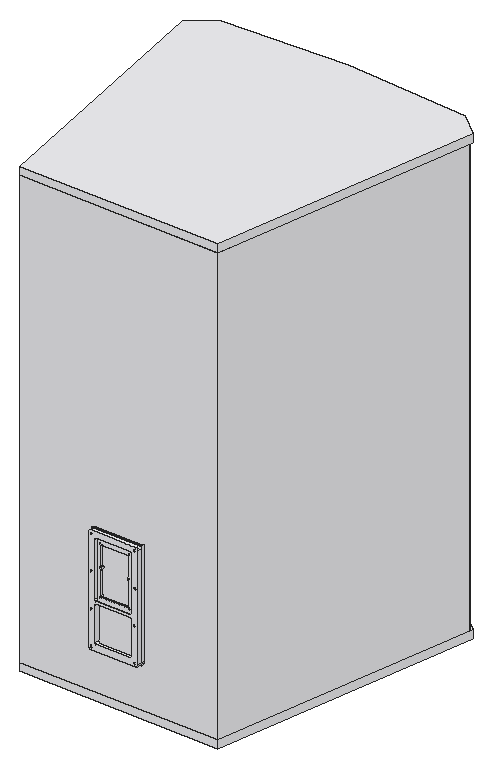
Revit family "EVC-1122-95", category Communication Devices, Revit 2017 (continued)
Definition of nested family "InputPanel_small"
  Lines and regions (mm)
    model lines, not visible
      curve 484: line (54.504, -9.5, 76.743) -> (56.298, -9.5, 74.554)
      curve 485: line (56.298, -9.5, 74.554) -> (55.807, -9.5, 74.222)
      curve 486: line (54.503, -9.5, 83.049) -> (56.297, -9.5, 80.86)
      curve 487: line (56.297, -9.5, 80.86) -> (55.806, -9.5, 80.528)
      curve 488: line (54.531, -9.5, 76.998) -> (56.131, -9.5, 75.046)
      curve 489: line (56.131, -9.5, 75.046) -> (56.7, -9.5, 75.046)
      curve 490: line (56.7, -9.5, 75.046) -> (54.662, -9.5, 77.533)
      curve 491: line (54.531, -9.5, 83.304) -> (56.13, -9.5, 81.352)
      curve 492: line (56.13, -9.5, 81.352) -> (56.699, -9.5, 81.352)
      curve 493: line (56.699, -9.5, 81.352) -> (54.661, -9.5, 83.839)
      curve 494: line (54.505, -9.5, 70.437) -> (56.298, -9.5, 68.248)
      curve 495: line (56.298, -9.5, 68.248) -> (55.807, -9.5, 67.915)
      curve 496: line (54.506, -9.5, 64.13) -> (56.299, -9.5, 61.942)
      curve 497: line (56.299, -9.5, 61.942) -> (55.808, -9.5, 61.609)
      curve 498: line (54.533, -9.5, 64.385) -> (56.132, -9.5, 62.433)
      curve 499: line (56.132, -9.5, 62.433) -> (56.702, -9.5, 62.433)
      curve 500: line (56.702, -9.5, 62.433) -> (54.664, -9.5, 64.92)
      curve 501: line (54.532, -9.5, 70.691) -> (56.131, -9.5, 68.739)
      curve 502: line (56.131, -9.5, 68.739) -> (56.701, -9.5, 68.739)
      curve 503: line (56.701, -9.5, 68.739) -> (54.663, -9.5, 71.227)
      curve 504: line (51.568, -9.5, 63.815) -> (51.568, -9.5, 60.772)
      curve 505: line (51.568, -9.5, 60.772) -> (46.145, -9.5, 60.771)
      curve 506: line (46.145, -9.5, 60.771) -> (46.141, -9.5, 85.996)
      curve 507: line (46.141, -9.5, 85.996) -> (51.565, -9.5, 85.997)
      curve 508: line (51.565, -9.5, 85.997) -> (52.989, -9.5, 85.997)
      curve 509: line (52.989, -9.5, 85.997) -> (49.876, -9.5, 86.125)
      curve 510: line (49.876, -9.5, 86.125) -> (49.754, -9.5, 86.302)
      curve 511: line (52.992, -9.5, 60.772) -> (51.568, -9.5, 60.772)
      curve 512: line (45.361, -9.5, 79.392) -> (45.362, -9.5, 73.88)
      curve 513: line (45.362, -9.5, 73.88) -> (41.147, -9.5, 73.88)
      curve 514: line (41.147, -9.5, 73.88) -> (41.146, -9.5, 79.392)
      curve 515: line (41.146, -9.5, 79.392) -> (45.361, -9.5, 79.392)
      curve 516: line (41.146, -9.5, 79.988) -> (41.145, -9.5, 85.499)
      curve 517: line (41.145, -9.5, 85.499) -> (45.36, -9.5, 85.5)
      curve 518: line (45.36, -9.5, 85.5) -> (45.361, -9.5, 79.988)
      curve 519: line (45.361, -9.5, 79.988) -> (41.146, -9.5, 79.988)
      curve 520: line (45.819, -9.5, 60.771) -> (45.816, -9.5, 85.996)
      curve 521: line (45.816, -9.5, 85.996) -> (40.689, -9.5, 85.996)
      curve 522: line (40.689, -9.5, 85.996) -> (40.692, -9.5, 60.771)
      curve 523: line (40.692, -9.5, 60.771) -> (45.819, -9.5, 60.771)
      curve 524: line (45.819, -9.5, 60.771) -> (46.145, -9.5, 60.771)
      curve 525: line (45.363, -9.5, 66.78) -> (45.363, -9.5, 61.268)
      curve 526: line (45.363, -9.5, 61.268) -> (41.148, -9.5, 61.267)
      curve 527: line (41.148, -9.5, 61.267) -> (41.147, -9.5, 66.779)
      curve 528: line (41.147, -9.5, 66.779) -> (45.363, -9.5, 66.78)
      curve 529: line (41.147, -9.5, 67.375) -> (41.147, -9.5, 72.887)
      curve 530: line (41.147, -9.5, 72.887) -> (45.362, -9.5, 72.887)
      curve 531: line (45.362, -9.5, 72.887) -> (45.363, -9.5, 67.375)
      curve 532: line (45.363, -9.5, 67.375) -> (41.147, -9.5, 67.375)
      curve 533: line (45.816, -9.5, 85.996) -> (46.141, -9.5, 85.996)
      curve 534: line (46.141, -9.5, 85.996) -> (42.88, -9.5, 86.124)
      curve 535: line (42.88, -9.5, 86.124) -> (42.758, -9.5, 86.301)
      curve 536: line (42.758, -9.5, 86.301) -> (45.891, -9.5, 86.301)
      curve 537: line (45.891, -9.5, 86.301) -> (46.013, -9.5, 86.124)
      curve 538: line (45.361, -9.5, 78.225) -> (43.953, -9.5, 78.225)
      curve 539: line (43.953, -9.5, 78.225) -> (43.627, -9.5, 78.913)
      curve 540: line (43.627, -9.5, 78.913) -> (43.242, -9.5, 79.392)
      curve 541: line (45.363, -9.5, 65.613) -> (43.954, -9.5, 65.612)
      curve 542: line (43.954, -9.5, 65.612) -> (43.629, -9.5, 66.3)
      curve 543: line (43.629, -9.5, 66.3) -> (43.244, -9.5, 66.779)
      curve 544: line (45.362, -9.5, 68.542) -> (43.954, -9.5, 68.542)
      curve 545: line (43.954, -9.5, 68.542) -> (43.629, -9.5, 67.854)
      curve 546: line (43.629, -9.5, 67.854) -> (43.244, -9.5, 67.375)
      curve 547: line (45.361, -9.5, 81.155) -> (43.952, -9.5, 81.155)
      curve 548: line (43.952, -9.5, 81.155) -> (43.627, -9.5, 80.467)
      curve 549: line (43.627, -9.5, 80.467) -> (43.242, -9.5, 79.988)
      curve 550: line (45.362, -9.5, 71.919) -> (43.954, -9.5, 71.919)
      curve 551: line (43.954, -9.5, 71.919) -> (43.628, -9.5, 72.607)
      curve 552: line (43.628, -9.5, 72.607) -> (43.403, -9.5, 72.887)
      curve 553: line (45.361, -9.5, 84.532) -> (43.952, -9.5, 84.531)
      curve 554: line (43.952, -9.5, 84.531) -> (43.627, -9.5, 85.219)
      curve 555: line (43.627, -9.5, 85.219) -> (43.401, -9.5, 85.5)
      curve 556: line (45.362, -9.5, 74.849) -> (43.953, -9.5, 74.848)
      curve 557: line (43.953, -9.5, 74.848) -> (43.628, -9.5, 74.16)
      curve 558: line (43.403, -9.5, 73.88) -> (43.628, -9.5, 74.16)
      curve 559: line (43.628, -9.5, 74.16) -> (43.627, -9.5, 78.913)
      curve 560: line (45.363, -9.5, 62.236) -> (43.955, -9.5, 62.236)
      curve 561: line (43.955, -9.5, 62.236) -> (43.629, -9.5, 61.548)
      curve 562: line (43.629, -9.5, 61.548) -> (43.629, -9.5, 66.3)
      curve 563: line (43.404, -9.5, 61.267) -> (43.629, -9.5, 61.548)
      curve 564: line (43.954, -9.5, 68.542) -> (43.954, -9.5, 71.919)
      curve 565: line (43.952, -9.5, 81.155) -> (43.952, -9.5, 84.531)
      curve 566: line (43.954, -9.5, 65.612) -> (43.955, -9.5, 62.236)
      curve 567: line (43.953, -9.5, 78.225) -> (43.953, -9.5, 74.848)
      curve 568: line (45.891, -9.5, 86.301) -> (45.891, -9.5, 86.563)
      curve 569: line (45.891, -9.5, 86.563) -> (42.758, -9.5, 86.562)
      curve 570: line (42.758, -9.5, 86.562) -> (42.758, -9.5, 86.301)
      curve 571: line (45.891, -9.5, 86.563) -> (46.472, -9.5, 86.563)
      curve 572: line (46.472, -9.5, 86.563) -> (46.472, -9.5, 86.301)
      curve 573: line (46.472, -9.5, 86.301) -> (46.35, -9.5, 86.124)
      curve 574: line (42.244, -9.5, 79.988) -> (42.243, -9.5, 85.499)
      curve 575: line (42.246, -9.5, 67.375) -> (42.245, -9.5, 72.887)
      curve 576: line (42.246, -9.5, 61.267) -> (42.246, -9.5, 66.779)
      curve 577: line (42.245, -9.5, 73.88) -> (42.244, -9.5, 79.392)
      curve 578: line (43.629, -9.5, 67.854) -> (43.628, -9.5, 72.607)
      curve 579: line (43.627, -9.5, 80.467) -> (43.627, -9.5, 85.219)
      curve 580: line (52.887, -9.5, 86.302) -> (53.009, -9.5, 86.125)
      curve 581: line (52.887, -9.5, 86.563) -> (52.887, -9.5, 86.302)
      curve 582: line (52.887, -9.5, 86.302) -> (49.754, -9.5, 86.302)
      curve 583: line (49.754, -9.5, 86.302) -> (49.754, -9.5, 86.563)
      curve 584: line (49.754, -9.5, 86.563) -> (52.887, -9.5, 86.563)
      curve 585: line (52.887, -9.5, 86.563) -> (53.468, -9.5, 86.563)
      curve 586: line (53.468, -9.5, 86.563) -> (53.468, -9.5, 86.302)
      curve 587: line (53.468, -9.5, 86.302) -> (53.346, -9.5, 86.125)
      curve 588: line (78.97, -9.5, 60.972) -> (78.967, -9.5, 85.803)
      curve 589: line (78.912, -9.5, 85.748) -> (78.915, -9.5, 61.027)
      curve 590: line (77.958, -9.5, 86.812) -> (40.515, -9.5, 86.808)
      curve 591: line (40.57, -9.5, 86.753) -> (77.903, -9.5, 86.757)
      curve 592: line (39.506, -9.5, 85.799) -> (39.509, -9.5, 60.968)
      curve 593: line (39.509, -9.5, 60.97) -> (39.561, -9.5, 85.744)
      curve 594: line (40.518, -9.5, 59.959) -> (77.962, -9.5, 59.963)
      curve 595: line (77.907, -9.5, 60.018) -> (40.573, -9.5, 60.014)
      curve 596: line (61.368, -9.5, 70.233) -> (59.749, -9.5, 70.232)
      curve 597: line (59.749, -9.5, 70.232) -> (59.415, -9.5, 70.232)
      curve 598: line (61.369, -9.5, 63.926) -> (59.75, -9.5, 63.926)
      curve 599: line (59.75, -9.5, 63.926) -> (59.417, -9.5, 63.926)
      curve 600: line (61.367, -9.5, 76.539) -> (59.748, -9.5, 76.539)
      curve 601: line (59.748, -9.5, 76.539) -> (59.415, -9.5, 76.539)
      curve 602: line (61.367, -9.5, 82.845) -> (59.747, -9.5, 82.845)
      curve 603: line (59.747, -9.5, 82.845) -> (59.414, -9.5, 82.845)
      curve 604: line (57.109, -9.5, 76.538) -> (58.728, -9.5, 76.539)
      curve 605: line (58.728, -9.5, 76.539) -> (59.062, -9.5, 76.539)
      curve 606: line (57.108, -9.5, 82.845) -> (58.727, -9.5, 82.845)
      curve 607: line (58.727, -9.5, 82.845) -> (59.06, -9.5, 82.845)
      curve 608: line (57.109, -9.5, 70.232) -> (58.729, -9.5, 70.232)
      curve 609: line (58.729, -9.5, 70.232) -> (59.062, -9.5, 70.232)
      curve 610: line (57.11, -9.5, 63.926) -> (58.729, -9.5, 63.926)
      curve 611: line (58.729, -9.5, 63.926) -> (59.063, -9.5, 63.926)
    model lines
      curve 612: arc (-30.696, -4.337, 30.291) -> (-31.037, -4.337, 28.695) -> (-32.139, -4.337, 27.491) r 3.109
      curve 613: arc (-30.695, -4.337, 42.904) -> (-31.035, -4.337, 41.308) -> (-32.138, -4.337, 40.104) r 3.109
      curve 614: arc (-30.698, -4.337, 23.985) -> (-31.033, -4.337, 22.399) -> (-32.121, -4.337, 21.198) r 3.108
      curve 615: arc (-30.696, -4.337, 36.598) -> (-31.031, -4.337, 35.012) -> (-32.119, -4.337, 33.811) r 3.108
      curve 616: arc (-31.992, -4.337, 33.004) -> (-31.001, -4.337, 31.812) -> (-30.695, -4.337, 30.291) r 3.166
      curve 617: arc (-31.991, -4.337, 45.616) -> (-30.999, -4.337, 44.424) -> (-30.693, -4.337, 42.904) r 3.166
      curve 618: arc (-31.993, -4.337, 26.696) -> (-31.002, -4.337, 25.504) -> (-30.696, -4.337, 23.985) r 3.165
      curve 619: arc (-31.991, -4.337, 39.309) -> (-31.001, -4.337, 38.117) -> (-30.695, -4.337, 36.598) r 3.165
      curve 620: arc (-30.343, -4.337, 36.598) -> (-30.002, -4.337, 38.194) -> (-28.9, -4.337, 39.398) r 3.109
      curve 621: arc (-30.344, -4.337, 23.985) -> (-30.004, -4.337, 25.581) -> (-28.901, -4.337, 26.785) r 3.109
      curve 622: arc (-30.341, -4.337, 42.904) -> (-30.006, -4.337, 44.49) -> (-28.918, -4.337, 45.691) r 3.108
      curve 623: arc (-30.343, -4.337, 30.291) -> (-30.007, -4.337, 31.877) -> (-28.92, -4.337, 33.078) r 3.108
      curve 624: arc (-29.046, -4.337, 33.885) -> (-30.038, -4.337, 35.077) -> (-30.344, -4.337, 36.598) r 3.166
      curve 625: arc (-29.048, -4.337, 21.273) -> (-30.039, -4.337, 22.465) -> (-30.346, -4.337, 23.985) r 3.166
      curve 626: arc (-29.046, -4.337, 40.193) -> (-30.037, -4.337, 41.385) -> (-30.343, -4.337, 42.904) r 3.165
      curve 627: arc (-29.048, -4.337, 27.58) -> (-30.038, -4.337, 28.772) -> (-30.344, -4.337, 30.291) r 3.165
      curve 628: arc (-33.959, -4.337, 27.746) -> (-35.033, -4.337, 28.816) -> (-35.384, -4.337, 30.292) r 2.775
      curve 629: arc (-34.651, -4.337, 27.426) -> (-35.725, -4.337, 28.679) -> (-36.075, -4.337, 30.292) r 3.371
      curve 630: arc (-33.959, -4.337, 27.746) -> (-34.28, -4.337, 27.533) -> (-34.651, -4.337, 27.426) r 1.273
      curve 631: arc (-33.957, -4.337, 40.358) -> (-35.031, -4.337, 41.429) -> (-35.382, -4.337, 42.905) r 2.775
      curve 632: arc (-34.649, -4.337, 40.039) -> (-35.723, -4.337, 41.292) -> (-36.074, -4.337, 42.905) r 3.371
      curve 633: arc (-33.957, -4.337, 40.358) -> (-34.279, -4.337, 40.146) -> (-34.649, -4.337, 40.039) r 1.273
      curve 634: arc (-33.96, -4.337, 21.44) -> (-35.033, -4.337, 22.511) -> (-35.384, -4.337, 23.986) r 2.774
      curve 635: arc (-34.651, -4.337, 21.121) -> (-35.725, -4.337, 22.374) -> (-36.075, -4.337, 23.986) r 3.37
      curve 636: arc (-33.96, -4.337, 21.44) -> (-34.281, -4.337, 21.228) -> (-34.651, -4.337, 21.121) r 1.273
      curve 637: arc (-33.958, -4.337, 34.053) -> (-35.032, -4.337, 35.123) -> (-35.382, -4.337, 36.598) r 2.774
      curve 638: arc (-34.65, -4.337, 33.734) -> (-35.723, -4.337, 34.986) -> (-36.074, -4.337, 36.598) r 3.37
      curve 639: arc (-33.958, -4.337, 34.053) -> (-34.28, -4.337, 33.84) -> (-34.65, -4.337, 33.734) r 1.273
      curve 640: arc (-35.384, -4.337, 30.292) -> (-35.033, -4.337, 31.767) -> (-33.958, -4.337, 32.838) r 2.775
      curve 641: arc (-34.65, -4.337, 33.157) -> (-34.28, -4.337, 33.051) -> (-33.958, -4.337, 32.838) r 1.273
      curve 642: arc (-36.075, -4.337, 30.292) -> (-35.724, -4.337, 31.905) -> (-34.65, -4.337, 33.157) r 3.371
      curve 643: arc (-35.382, -4.337, 42.905) -> (-35.031, -4.337, 44.38) -> (-33.957, -4.337, 45.451) r 2.775
      curve 644: arc (-34.648, -4.337, 45.77) -> (-34.278, -4.337, 45.663) -> (-33.957, -4.337, 45.451) r 1.273
      curve 645: arc (-36.074, -4.337, 42.905) -> (-35.723, -4.337, 44.517) -> (-34.648, -4.337, 45.77) r 3.371
      curve 646: arc (-35.384, -4.337, 23.986) -> (-35.033, -4.337, 25.461) -> (-33.959, -4.337, 26.531) r 2.774
      curve 647: arc (-34.651, -4.337, 26.85) -> (-34.28, -4.337, 26.743) -> (-33.959, -4.337, 26.531) r 1.273
      curve 648: arc (-36.075, -4.337, 23.986) -> (-35.725, -4.337, 25.598) -> (-34.651, -4.337, 26.85) r 3.37
      curve 649: arc (-35.382, -4.337, 36.598) -> (-35.031, -4.337, 38.073) -> (-33.958, -4.337, 39.143) r 2.774
      curve 650: arc (-34.649, -4.337, 39.463) -> (-34.279, -4.337, 39.356) -> (-33.958, -4.337, 39.143) r 1.273
      curve 651: arc (-36.074, -4.337, 36.598) -> (-35.723, -4.337, 38.21) -> (-34.649, -4.337, 39.463) r 3.37
      curve 652: arc (-30.908, -4.337, 23.985) -> (-31.259, -4.337, 22.51) -> (-32.333, -4.337, 21.44) r 2.774
      curve 653: arc (-32.332, -4.337, 26.53) -> (-31.258, -4.337, 25.46) -> (-30.908, -4.337, 23.985) r 2.774
      curve 654: arc (-30.906, -4.337, 30.291) -> (-31.258, -4.337, 28.816) -> (-32.332, -4.337, 27.745) r 2.775
      curve 655: arc (-32.331, -4.337, 32.838) -> (-31.257, -4.337, 31.767) -> (-30.906, -4.337, 30.291) r 2.775
      curve 656: arc (-30.906, -4.337, 36.598) -> (-31.257, -4.337, 35.123) -> (-32.331, -4.337, 34.053) r 2.774
      curve 657: arc (-32.33, -4.337, 39.143) -> (-31.257, -4.337, 38.073) -> (-30.906, -4.337, 36.598) r 2.774
      curve 658: arc (-30.905, -4.337, 42.904) -> (-31.256, -4.337, 41.429) -> (-32.33, -4.337, 40.358) r 2.775
      curve 659: arc (-32.33, -4.337, 45.45) -> (-31.256, -4.337, 44.38) -> (-30.905, -4.337, 42.904) r 2.775
      curve 660: arc (-36.768, -4.337, 27.427) -> (-37.818, -4.337, 28.63) -> (-38.191, -4.337, 30.182) r 3.348
      curve 661: arc (-36.766, -4.337, 40.039) -> (-37.816, -4.337, 41.242) -> (-38.19, -4.337, 42.794) r 3.348
      curve 662: arc (-38.191, -4.337, 30.403) -> (-37.817, -4.337, 31.955) -> (-36.767, -4.337, 33.158) r 3.348
      curve 663: arc (-38.19, -4.337, 43.015) -> (-37.816, -4.337, 44.568) -> (-36.766, -4.337, 45.77) r 3.348
      curve 664: arc (-36.769, -4.337, 21.121) -> (-37.825, -4.337, 22.337) -> (-38.192, -4.337, 23.905) r 3.353
      curve 665: arc (-36.767, -4.337, 33.734) -> (-37.823, -4.337, 34.95) -> (-38.191, -4.337, 36.517) r 3.353
      curve 666: arc (-38.192, -4.337, 24.067) -> (-37.824, -4.337, 25.635) -> (-36.768, -4.337, 26.85) r 3.353
      curve 667: arc (-38.191, -4.337, 36.68) -> (-37.823, -4.337, 38.248) -> (-36.767, -4.337, 39.463) r 3.353
      curve 668: arc (-32.649, -4.337, 30.292) -> (-32.982, -4.337, 28.919) -> (-34.009, -4.337, 27.951) r 2.482
      curve 669: arc (-32.65, -4.337, 23.985) -> (-32.983, -4.337, 22.613) -> (-34.01, -4.337, 21.644) r 2.482
      curve 670: arc (-33.058, -4.337, 25.478) -> (-32.751, -4.337, 24.76) -> (-32.65, -4.337, 23.985) r 2.857
      curve 671: arc (-33.734, -4.337, 25.636) -> (-33.68, -4.337, 25.558) -> (-33.628, -4.337, 25.478) r 2.446
      curve 672: arc (-33.058, -4.337, 31.784) -> (-32.75, -4.337, 31.066) -> (-32.649, -4.337, 30.292) r 2.857
      curve 673: arc (-33.733, -4.337, 31.942) -> (-33.679, -4.337, 31.864) -> (-33.627, -4.337, 31.784) r 2.446
      curve 674: arc (-32.649, -4.337, 36.598) -> (-32.981, -4.337, 35.226) -> (-34.008, -4.337, 34.257) r 2.482
      curve 675: arc (-32.648, -4.337, 42.904) -> (-32.98, -4.337, 41.532) -> (-34.008, -4.337, 40.563) r 2.482
      curve 676: arc (-33.057, -4.337, 38.091) -> (-32.75, -4.337, 37.372) -> (-32.649, -4.337, 36.598) r 2.857
      curve 677: arc (-33.733, -4.337, 38.249) -> (-33.678, -4.337, 38.171) -> (-33.626, -4.337, 38.091) r 2.446
      curve 678: arc (-33.056, -4.337, 44.397) -> (-32.749, -4.337, 43.679) -> (-32.648, -4.337, 42.904) r 2.857
      curve 679: arc (-33.732, -4.337, 44.555) -> (-33.677, -4.337, 44.477) -> (-33.626, -4.337, 44.397) r 2.446
      curve 680: arc (-27.08, -4.337, 39.143) -> (-26.006, -4.337, 38.073) -> (-25.655, -4.337, 36.597) r 2.775
      curve 681: arc (-26.388, -4.337, 39.463) -> (-25.314, -4.337, 38.21) -> (-24.964, -4.337, 36.597) r 3.371
      curve 682: arc (-27.08, -4.337, 39.143) -> (-26.759, -4.337, 39.356) -> (-26.388, -4.337, 39.463) r 1.273
      curve 683: arc (-27.082, -4.337, 26.531) -> (-26.007, -4.337, 25.46) -> (-25.657, -4.337, 23.984) r 2.775
      curve 684: arc (-26.39, -4.337, 26.85) -> (-25.316, -4.337, 25.597) -> (-24.965, -4.337, 23.984) r 3.371
      curve 685: arc (-27.082, -4.337, 26.531) -> (-26.76, -4.337, 26.743) -> (-26.39, -4.337, 26.85) r 1.273
      curve 686: arc (-27.079, -4.337, 45.449) -> (-26.006, -4.337, 44.378) -> (-25.655, -4.337, 42.903) r 2.774
      curve 687: arc (-26.388, -4.337, 45.768) -> (-25.314, -4.337, 44.515) -> (-24.963, -4.337, 42.903) r 3.37
      curve 688: arc (-27.079, -4.337, 45.449) -> (-26.758, -4.337, 45.661) -> (-26.388, -4.337, 45.768) r 1.273
      curve 689: arc (-27.081, -4.337, 32.836) -> (-26.007, -4.337, 31.766) -> (-25.657, -4.337, 30.291) r 2.774
      curve 690: arc (-26.389, -4.337, 33.155) -> (-25.315, -4.337, 31.903) -> (-24.965, -4.337, 30.291) r 3.37
      curve 691: arc (-27.081, -4.337, 32.836) -> (-26.759, -4.337, 33.049) -> (-26.389, -4.337, 33.155) r 1.273
      curve 692: arc (-25.655, -4.337, 36.597) -> (-26.006, -4.337, 35.122) -> (-27.081, -4.337, 34.051) r 2.775
      curve 693: arc (-26.389, -4.337, 33.732) -> (-26.759, -4.337, 33.838) -> (-27.081, -4.337, 34.051) r 1.273
      curve 694: arc (-24.964, -4.337, 36.597) -> (-25.315, -4.337, 34.984) -> (-26.389, -4.337, 33.732) r 3.371
      curve 695: arc (-25.657, -4.337, 23.984) -> (-26.008, -4.337, 22.509) -> (-27.082, -4.337, 21.438) r 2.775
      curve 696: arc (-26.391, -4.337, 21.119) -> (-26.761, -4.337, 21.226) -> (-27.082, -4.337, 21.438) r 1.273
      curve 697: arc (-24.965, -4.337, 23.984) -> (-25.316, -4.337, 22.372) -> (-26.391, -4.337, 21.119) r 3.371
      curve 698: arc (-25.655, -4.337, 42.903) -> (-26.006, -4.337, 41.429) -> (-27.08, -4.337, 40.358) r 2.774
      curve 699: arc (-26.388, -4.337, 40.039) -> (-26.759, -4.337, 40.146) -> (-27.08, -4.337, 40.358) r 1.273
      curve 700: arc (-24.963, -4.337, 42.903) -> (-25.314, -4.337, 41.291) -> (-26.388, -4.337, 40.039) r 3.37
      curve 701: arc (-25.657, -4.337, 30.291) -> (-26.008, -4.337, 28.816) -> (-27.081, -4.337, 27.746) r 2.774
      curve 702: arc (-26.39, -4.337, 27.426) -> (-26.76, -4.337, 27.533) -> (-27.081, -4.337, 27.746) r 1.273
      curve 703: arc (-24.965, -4.337, 30.291) -> (-25.316, -4.337, 28.679) -> (-26.39, -4.337, 27.426) r 3.37
      curve 704: arc (-30.131, -4.337, 42.904) -> (-29.78, -4.337, 44.379) -> (-28.706, -4.337, 45.449) r 2.774
      curve 705: arc (-28.707, -4.337, 40.359) -> (-29.78, -4.337, 41.429) -> (-30.131, -4.337, 42.904) r 2.774
      curve 706: arc (-30.133, -4.337, 36.598) -> (-29.781, -4.337, 38.073) -> (-28.707, -4.337, 39.144) r 2.775
      curve 707: arc (-28.708, -4.337, 34.051) -> (-29.782, -4.337, 35.122) -> (-30.133, -4.337, 36.598) r 2.775
      curve 708: arc (-30.133, -4.337, 30.291) -> (-29.782, -4.337, 31.766) -> (-28.708, -4.337, 32.836) r 2.774
      curve 709: arc (-28.708, -4.337, 27.746) -> (-29.782, -4.337, 28.816) -> (-30.133, -4.337, 30.291) r 2.774
      curve 710: arc (-30.134, -4.337, 23.985) -> (-29.783, -4.337, 25.46) -> (-28.709, -4.337, 26.531) r 2.775
      curve 711: arc (-28.709, -4.337, 21.439) -> (-29.783, -4.337, 22.509) -> (-30.134, -4.337, 23.985) r 2.775
      curve 712: arc (-24.271, -4.337, 39.462) -> (-23.221, -4.337, 38.26) -> (-22.848, -4.337, 36.707) r 3.348
      curve 713: arc (-24.272, -4.337, 26.85) -> (-23.223, -4.337, 25.647) -> (-22.849, -4.337, 24.095) r 3.348
      curve 714: arc (-22.848, -4.337, 36.486) -> (-23.222, -4.337, 34.934) -> (-24.272, -4.337, 33.731) r 3.348
      curve 715: arc (-22.849, -4.337, 23.874) -> (-23.223, -4.337, 22.321) -> (-24.273, -4.337, 21.119) r 3.348
      curve 716: arc (-24.27, -4.337, 45.768) -> (-23.214, -4.337, 44.552) -> (-22.847, -4.337, 42.984) r 3.353
      curve 717: arc (-24.272, -4.337, 33.155) -> (-23.216, -4.337, 31.939) -> (-22.848, -4.337, 30.372) r 3.353
      curve 718: arc (-22.847, -4.337, 42.822) -> (-23.215, -4.337, 41.254) -> (-24.271, -4.337, 40.039) r 3.353
      curve 719: arc (-22.848, -4.337, 30.209) -> (-23.216, -4.337, 28.641) -> (-24.272, -4.337, 27.426) r 3.353
      curve 720: arc (-28.389, -4.337, 42.904) -> (-28.056, -4.337, 44.276) -> (-27.029, -4.337, 45.245) r 2.482
      curve 721: arc (-28.39, -4.337, 36.597) -> (-28.057, -4.337, 37.97) -> (-27.03, -4.337, 38.938) r 2.482
      curve 722: arc (-27.981, -4.337, 35.105) -> (-28.288, -4.337, 35.823) -> (-28.39, -4.337, 36.597) r 2.857
      curve 723: arc (-27.306, -4.337, 34.947) -> (-27.36, -4.337, 35.025) -> (-27.412, -4.337, 35.105) r 2.446
      curve 724: arc (-27.981, -4.337, 41.411) -> (-28.288, -4.337, 42.129) -> (-28.389, -4.337, 42.904) r 2.857
      curve 725: arc (-27.305, -4.337, 41.253) -> (-27.359, -4.337, 41.331) -> (-27.411, -4.337, 41.411) r 2.446
      curve 726: arc (-28.39, -4.337, 30.291) -> (-28.058, -4.337, 31.663) -> (-27.031, -4.337, 32.632) r 2.482
      curve 727: arc (-28.391, -4.337, 23.985) -> (-28.058, -4.337, 25.357) -> (-27.031, -4.337, 26.326) r 2.482
      curve 728: arc (-27.983, -4.337, 22.492) -> (-28.29, -4.337, 23.21) -> (-28.391, -4.337, 23.985) r 2.857
      curve 729: arc (-27.307, -4.337, 22.334) -> (-27.362, -4.337, 22.412) -> (-27.413, -4.337, 22.492) r 2.446
      curve 730: arc (-27.982, -4.337, 28.799) -> (-28.289, -4.337, 29.517) -> (-28.39, -4.337, 30.291) r 2.857
      curve 731: arc (-27.306, -4.337, 28.64) -> (-27.361, -4.337, 28.718) -> (-27.412, -4.337, 28.798) r 2.446
      curve 732: spline (-49.243, -4.337, 20.022) -> (-49.374, -4.337, 20.031) -> (-49.504, -4.337, 20.057) -> (-49.629, -4.337, 20.099) -> (-49.747, -4.337, 20.158) -> (-49.857, -4.337, 20.231) -> (-49.956, -4.337, 20.318) -> (-50.043, -4.337, 20.417) -> (-50.116, -4.337, 20.527) -> (-50.175, -4.337, 20.645) -> (-50.217, -4.337, 20.77) -> (-50.243, -4.337, 20.9) -> (-50.251, -4.337, 21.031)
      curve 733: spline (-50.248, -4.337, 45.862) -> (-50.24, -4.337, 45.994) -> (-50.214, -4.337, 46.124) -> (-50.172, -4.337, 46.249) -> (-50.113, -4.337, 46.367) -> (-50.04, -4.337, 46.477) -> (-49.953, -4.337, 46.576) -> (-49.854, -4.337, 46.663) -> (-49.744, -4.337, 46.736) -> (-49.626, -4.337, 46.794) -> (-49.501, -4.337, 46.837) -> (-49.371, -4.337, 46.863) -> (-49.239, -4.337, 46.871)
      curve 734: spline (-11.796, -4.337, 46.867) -> (-11.664, -4.337, 46.858) -> (-11.535, -4.337, 46.832) -> (-11.41, -4.337, 46.79) -> (-11.291, -4.337, 46.731) -> (-11.182, -4.337, 46.658) -> (-11.082, -4.337, 46.571) -> (-10.995, -4.337, 46.472) -> (-10.922, -4.337, 46.362) -> (-10.864, -4.337, 46.244) -> (-10.821, -4.337, 46.119) -> (-10.796, -4.337, 45.989) -> (-10.787, -4.337, 45.858)
      curve 735: spline (-10.79, -4.337, 21.029) -> (-10.798, -4.337, 20.897) -> (-10.824, -4.337, 20.767) -> (-10.866, -4.337, 20.642) -> (-10.925, -4.337, 20.523) -> (-10.998, -4.337, 20.413) -> (-11.085, -4.337, 20.314) -> (-11.184, -4.337, 20.227) -> (-11.294, -4.337, 20.153) -> (-11.412, -4.337, 20.095) -> (-11.538, -4.337, 20.052) -> (-11.667, -4.337, 20.026) -> (-11.799, -4.337, 20.018)
      curve 736: spline (-11.851, -4.337, 46.812) -> (-11.719, -4.337, 46.803) -> (-11.59, -4.337, 46.777) -> (-11.465, -4.337, 46.735) -> (-11.346, -4.337, 46.676) -> (-11.237, -4.337, 46.603) -> (-11.137, -4.337, 46.516) -> (-11.05, -4.337, 46.417) -> (-10.977, -4.337, 46.307) -> (-10.919, -4.337, 46.189) -> (-10.876, -4.337, 46.064) -> (-10.851, -4.337, 45.934) -> (-10.842, -4.337, 45.803)
      curve 737: spline (-10.845, -4.337, 21.082) -> (-10.854, -4.337, 20.95) -> (-10.879, -4.337, 20.82) -> (-10.922, -4.337, 20.696) -> (-10.98, -4.337, 20.577) -> (-11.054, -4.337, 20.467) -> (-11.141, -4.337, 20.368) -> (-11.24, -4.337, 20.281) -> (-11.35, -4.337, 20.208) -> (-11.468, -4.337, 20.15) -> (-11.593, -4.337, 20.107) -> (-11.722, -4.337, 20.081) -> (-11.854, -4.337, 20.073)
      curve 738: spline (-50.193, -4.337, 45.807) -> (-50.185, -4.337, 45.939) -> (-50.159, -4.337, 46.069) -> (-50.117, -4.337, 46.194) -> (-50.058, -4.337, 46.312) -> (-49.985, -4.337, 46.422) -> (-49.898, -4.337, 46.521) -> (-49.799, -4.337, 46.608) -> (-49.689, -4.337, 46.681) -> (-49.571, -4.337, 46.739) -> (-49.446, -4.337, 46.782) -> (-49.316, -4.337, 46.808) -> (-49.184, -4.337, 46.816)
      curve 739: spline (-49.188, -4.337, 20.077) -> (-49.319, -4.337, 20.086) -> (-49.449, -4.337, 20.112) -> (-49.574, -4.337, 20.154) -> (-49.692, -4.337, 20.213) -> (-49.802, -4.337, 20.286) -> (-49.901, -4.337, 20.373) -> (-49.988, -4.337, 20.472) -> (-50.061, -4.337, 20.582) -> (-50.12, -4.337, 20.7) -> (-50.162, -4.337, 20.825) -> (-50.188, -4.337, 20.955) -> (-50.196, -4.337, 21.086)
      curve 740: line (-35.26, -4.337, 30.292) -> (-35.099, -4.337, 31.28)
      curve 741: line (-35.099, -4.337, 31.28) -> (-34.641, -4.337, 32.118)
      curve 742: line (-34.641, -4.337, 32.118) -> (-33.954, -4.337, 32.677)
      curve 743: line (-33.954, -4.337, 32.677) -> (-33.145, -4.337, 32.874)
      curve 744: line (-33.145, -4.337, 32.874) -> (-32.335, -4.337, 32.677)
      curve 745: line (-32.335, -4.337, 32.677) -> (-31.649, -4.337, 32.117)
      curve 746: line (-31.649, -4.337, 32.117) -> (-31.191, -4.337, 31.28)
      curve 747: line (-31.191, -4.337, 31.28) -> (-31.03, -4.337, 30.291)
      curve 748: line (-31.03, -4.337, 30.291) -> (-31.191, -4.337, 29.303)
      curve 749: line (-31.191, -4.337, 29.303) -> (-31.65, -4.337, 28.466)
      curve 750: line (-31.65, -4.337, 28.466) -> (-32.336, -4.337, 27.906)
      curve 751: line (-32.336, -4.337, 27.906) -> (-33.145, -4.337, 27.71)
      curve 752: line (-33.145, -4.337, 27.71) -> (-33.955, -4.337, 27.906)
      curve 753: line (-33.955, -4.337, 27.906) -> (-34.641, -4.337, 28.466)
      curve 754: line (-34.641, -4.337, 28.466) -> (-35.096, -4.337, 29.297)
      curve 755: line (-35.099, -4.337, 29.304) -> (-35.384, -4.337, 30.292)
      curve 756: line (-35.384, -4.337, 30.292) -> (-36.075, -4.337, 30.292)
      curve 757: line (-36.075, -4.337, 30.292) -> (-38.193, -4.337, 30.292)
      curve 758: line (-38.193, -4.337, 30.292) -> (-38.192, -4.337, 24.067)
      curve 759: line (-35.259, -4.337, 42.905) -> (-35.098, -4.337, 43.893)
      curve 760: line (-35.098, -4.337, 43.893) -> (-34.639, -4.337, 44.73)
      curve 761: line (-34.639, -4.337, 44.73) -> (-33.953, -4.337, 45.29)
      curve 762: line (-33.953, -4.337, 45.29) -> (-33.143, -4.337, 45.486)
      curve 763: line (-33.143, -4.337, 45.486) -> (-32.334, -4.337, 45.29)
      curve 764: line (-32.334, -4.337, 45.29) -> (-31.648, -4.337, 44.73)
      curve 765: line (-31.648, -4.337, 44.73) -> (-31.189, -4.337, 43.892)
      curve 766: line (-31.189, -4.337, 43.892) -> (-31.028, -4.337, 42.904)
      curve 767: line (-31.028, -4.337, 42.904) -> (-31.19, -4.337, 41.916)
      curve 768: line (-31.19, -4.337, 41.916) -> (-31.648, -4.337, 41.078)
      curve 769: line (-31.648, -4.337, 41.078) -> (-32.334, -4.337, 40.519)
      curve 770: line (-32.334, -4.337, 40.519) -> (-33.144, -4.337, 40.322)
      curve 771: line (-33.144, -4.337, 40.322) -> (-33.953, -4.337, 40.519)
      curve 772: line (-33.953, -4.337, 40.519) -> (-34.639, -4.337, 41.079)
      curve 773: line (-34.639, -4.337, 41.079) -> (-35.094, -4.337, 41.91)
      curve 774: line (-35.098, -4.337, 41.916) -> (-35.382, -4.337, 42.905)
      curve 775: line (-35.382, -4.337, 42.905) -> (-36.074, -4.337, 42.905)
      curve 776: line (-36.074, -4.337, 42.905) -> (-38.191, -4.337, 42.905)
      curve 777: line (-38.191, -4.337, 42.905) -> (-38.191, -4.337, 36.68)
      curve 778: line (-35.261, -4.337, 23.986) -> (-35.1, -4.337, 24.974)
      curve 779: line (-35.1, -4.337, 24.974) -> (-34.641, -4.337, 25.811)
      curve 780: line (-34.641, -4.337, 25.811) -> (-33.955, -4.337, 26.371)
      curve 781: line (-33.955, -4.337, 26.371) -> (-33.146, -4.337, 26.567)
      curve 782: line (-33.146, -4.337, 26.567) -> (-32.336, -4.337, 26.371)
      curve 783: line (-32.336, -4.337, 26.371) -> (-31.65, -4.337, 25.811)
      curve 784: line (-31.65, -4.337, 25.811) -> (-31.192, -4.337, 24.973)
      curve 785: line (-31.192, -4.337, 24.973) -> (-31.031, -4.337, 23.985)
      curve 786: line (-31.031, -4.337, 23.985) -> (-31.192, -4.337, 22.997)
      curve 787: line (-31.192, -4.337, 22.997) -> (-31.65, -4.337, 22.159)
      curve 788: line (-31.65, -4.337, 22.159) -> (-32.337, -4.337, 21.6)
      curve 789: line (-32.337, -4.337, 21.6) -> (-33.146, -4.337, 21.403)
      curve 790: line (-33.146, -4.337, 21.403) -> (-33.956, -4.337, 21.6)
      curve 791: line (-33.956, -4.337, 21.6) -> (-34.642, -4.337, 22.16)
      curve 792: line (-34.642, -4.337, 22.16) -> (-35.096, -4.337, 22.991)
      curve 793: line (-35.1, -4.337, 22.997) -> (-35.384, -4.337, 23.986)
      curve 794: line (-35.384, -4.337, 23.986) -> (-36.075, -4.337, 23.986)
      curve 795: line (-36.075, -4.337, 23.986) -> (-38.193, -4.337, 23.986)
      curve 796: line (-38.193, -4.337, 23.986) -> (-38.192, -4.337, 20.833)
      curve 797: line (-38.192, -4.337, 20.833) -> (-36.769, -4.337, 20.833)
      curve 798: line (-36.769, -4.337, 20.833) -> (-39.881, -4.337, 20.705)
      curve 799: line (-39.881, -4.337, 20.705) -> (-40.003, -4.337, 20.528)
      curve 800: line (-40.003, -4.337, 20.528) -> (-36.871, -4.337, 20.528)
      curve 801: line (-36.871, -4.337, 20.528) -> (-36.749, -4.337, 20.705)
      curve 802: line (-35.259, -4.337, 36.598) -> (-35.098, -4.337, 37.586)
      curve 803: line (-35.098, -4.337, 37.586) -> (-34.64, -4.337, 38.424)
      curve 804: line (-34.64, -4.337, 38.424) -> (-33.953, -4.337, 38.984)
      curve 805: line (-33.953, -4.337, 38.984) -> (-33.144, -4.337, 39.18)
      curve 806: line (-33.144, -4.337, 39.18) -> (-32.335, -4.337, 38.983)
      curve 807: line (-32.335, -4.337, 38.983) -> (-31.648, -4.337, 38.424)
      curve 808: line (-31.648, -4.337, 38.424) -> (-31.19, -4.337, 37.586)
      curve 809: line (-31.19, -4.337, 37.586) -> (-31.029, -4.337, 36.598)
      curve 810: line (-31.029, -4.337, 36.598) -> (-31.19, -4.337, 35.61)
      curve 811: line (-31.19, -4.337, 35.61) -> (-31.649, -4.337, 34.772)
      curve 812: line (-31.649, -4.337, 34.772) -> (-32.335, -4.337, 34.212)
      curve 813: line (-32.335, -4.337, 34.212) -> (-33.145, -4.337, 34.016)
      curve 814: line (-33.145, -4.337, 34.016) -> (-33.954, -4.337, 34.213)
      curve 815: line (-33.954, -4.337, 34.213) -> (-34.64, -4.337, 34.772)
      curve 816: line (-34.64, -4.337, 34.772) -> (-35.095, -4.337, 35.603)
      curve 817: line (-35.099, -4.337, 35.61) -> (-35.382, -4.337, 36.598)
      curve 818: line (-35.382, -4.337, 36.598) -> (-36.074, -4.337, 36.598)
      curve 819: line (-36.074, -4.337, 36.598) -> (-38.191, -4.337, 36.599)
      curve 820: line (-38.191, -4.337, 36.599) -> (-38.191, -4.337, 30.403)
      curve 821: line (-32.33, -4.337, 46.057) -> (-32.118, -4.337, 46.057)
      curve 822: line (-32.118, -4.337, 46.057) -> (-32.118, -4.337, 45.714)
      curve 823: line (-32.197, -4.337, 45.576) -> (-32.33, -4.337, 45.45)
      curve 824: line (-32.33, -4.337, 45.45) -> (-32.33, -4.337, 46.057)
      curve 825: line (-32.33, -4.337, 46.057) -> (-33.957, -4.337, 46.058)
      curve 826: line (-33.957, -4.337, 46.058) -> (-33.957, -4.337, 45.451)
      curve 827: line (-33.958, -4.337, 39.143) -> (-33.957, -4.337, 40.358)
      curve 828: line (-33.958, -4.337, 32.838) -> (-33.958, -4.337, 34.053)
      curve 829: line (-33.959, -4.337, 26.531) -> (-33.959, -4.337, 27.746)
      curve 830: line (-32.333, -4.337, 20.832) -> (-32.121, -4.337, 20.832)
      curve 831: line (-32.121, -4.337, 20.832) -> (-32.121, -4.337, 21.198)
      curve 832: line (-32.2, -4.337, 21.314) -> (-32.333, -4.337, 21.44)
      curve 833: line (-32.333, -4.337, 21.44) -> (-32.333, -4.337, 20.832)
      curve 834: line (-32.333, -4.337, 20.832) -> (-33.96, -4.337, 20.832)
      curve 835: line (-33.96, -4.337, 20.832) -> (-33.96, -4.337, 21.44)
      curve 836: line (-32.12, -4.337, 26.794) -> (-32.123, -4.337, 27.472)
      curve 837: line (-32.199, -4.337, 27.619) -> (-32.332, -4.337, 27.745)
      curve 838: line (-32.332, -4.337, 27.745) -> (-32.332, -4.337, 26.53)
      curve 839: line (-32.332, -4.337, 26.53) -> (-32.199, -4.337, 26.657)
      curve 840: line (-32.331, -4.337, 32.838) -> (-32.331, -4.337, 34.053)
      curve 841: line (-32.331, -4.337, 34.053) -> (-32.198, -4.337, 33.927)
      curve 842: line (-32.119, -4.337, 33.811) -> (-32.119, -4.337, 33.102)
      curve 843: line (-32.198, -4.337, 32.964) -> (-32.331, -4.337, 32.838)
      curve 844: line (-32.119, -4.337, 39.407) -> (-32.122, -4.337, 40.085)
      curve 845: line (-32.197, -4.337, 40.232) -> (-32.33, -4.337, 40.358)
      curve 846: line (-32.33, -4.337, 40.358) -> (-32.33, -4.337, 39.143)
      curve 847: line (-32.33, -4.337, 39.143) -> (-32.197, -4.337, 39.269)
      curve 848: line (-36.767, -4.337, 33.734) -> (-34.65, -4.337, 33.734)
      curve 849: line (-34.65, -4.337, 33.734) -> (-34.65, -4.337, 33.157)
      curve 850: line (-34.65, -4.337, 33.157) -> (-36.767, -4.337, 33.158)
      curve 851: line (-36.767, -4.337, 33.158) -> (-36.767, -4.337, 33.734)
      curve 852: line (-36.768, -4.337, 27.427) -> (-36.768, -4.337, 26.85)
      curve 853: line (-36.768, -4.337, 26.85) -> (-34.651, -4.337, 26.85)
      curve 854: line (-34.651, -4.337, 26.85) -> (-34.651, -4.337, 27.426)
      curve 855: line (-34.651, -4.337, 27.426) -> (-36.768, -4.337, 27.427)
      curve 856: line (-36.766, -4.337, 40.039) -> (-36.767, -4.337, 39.463)
      curve 857: line (-36.767, -4.337, 39.463) -> (-34.649, -4.337, 39.463)
      curve 858: line (-34.649, -4.337, 39.463) -> (-34.649, -4.337, 40.039)
      curve 859: line (-34.649, -4.337, 40.039) -> (-36.766, -4.337, 40.039)
      curve 860: line (-34.651, -4.337, 20.832) -> (-36.769, -4.337, 20.833)
      curve 861: line (-36.769, -4.337, 20.833) -> (-36.769, -4.337, 21.121)
      curve 862: line (-36.769, -4.337, 21.121) -> (-34.651, -4.337, 21.121)
      curve 863: line (-34.651, -4.337, 21.121) -> (-34.651, -4.337, 20.832)
      curve 864: line (-34.651, -4.337, 20.832) -> (-33.96, -4.337, 20.832)
      curve 865: line (-33.957, -4.337, 46.058) -> (-34.648, -4.337, 46.058)
      curve 866: line (-34.648, -4.337, 46.058) -> (-34.648, -4.337, 45.77)
      curve 867: line (-34.648, -4.337, 45.77) -> (-36.766, -4.337, 45.77)
      curve 868: line (-36.766, -4.337, 45.77) -> (-36.766, -4.337, 46.058)
      curve 869: line (-36.766, -4.337, 46.058) -> (-34.648, -4.337, 46.058)
      curve 870: line (-35.254, -4.337, 23.781) -> (-33.461, -4.337, 25.97)
      curve 871: line (-33.461, -4.337, 25.97) -> (-33.952, -4.337, 26.302)
      curve 872: line (-35.254, -4.337, 30.087) -> (-33.46, -4.337, 32.276)
      curve 873: line (-33.46, -4.337, 32.276) -> (-33.951, -4.337, 32.608)
      curve 874: line (-35.227, -4.337, 23.526) -> (-33.628, -4.337, 25.478)
      curve 875: line (-33.628, -4.337, 25.478) -> (-33.058, -4.337, 25.478)
      curve 876: line (-33.058, -4.337, 25.478) -> (-35.096, -4.337, 22.991)
      curve 877: line (-35.227, -4.337, 29.832) -> (-33.627, -4.337, 31.784)
      curve 878: line (-33.627, -4.337, 31.784) -> (-33.058, -4.337, 31.784)
      curve 879: line (-33.058, -4.337, 31.784) -> (-35.096, -4.337, 29.297)
      curve 880: line (-35.226, -4.337, 36.139) -> (-33.626, -4.337, 38.091)
      curve 881: line (-33.626, -4.337, 38.091) -> (-33.057, -4.337, 38.091)
      curve 882: line (-33.057, -4.337, 38.091) -> (-35.095, -4.337, 35.603)
      curve 883: line (-35.253, -4.337, 36.393) -> (-33.459, -4.337, 38.582)
      curve 884: line (-33.459, -4.337, 38.582) -> (-33.95, -4.337, 38.915)
      curve 885: line (-35.252, -4.337, 42.7) -> (-33.459, -4.337, 44.888)
      curve 886: line (-33.459, -4.337, 44.888) -> (-33.95, -4.337, 45.221)
      curve 887: line (-35.225, -4.337, 42.445) -> (-33.626, -4.337, 44.397)
      curve 888: line (-33.626, -4.337, 44.397) -> (-33.056, -4.337, 44.397)
      curve 889: line (-33.056, -4.337, 44.397) -> (-35.094, -4.337, 41.91)
      curve 890: line (-38.19, -4.337, 43.015) -> (-38.189, -4.337, 46.058)
      curve 891: line (-38.189, -4.337, 46.058) -> (-43.613, -4.337, 46.059)
      curve 892: line (-43.613, -4.337, 46.059) -> (-43.616, -4.337, 20.834)
      curve 893: line (-43.616, -4.337, 20.834) -> (-38.192, -4.337, 20.833)
      curve 894: line (-36.766, -4.337, 46.058) -> (-38.189, -4.337, 46.058)
      curve 895: line (-43.613, -4.337, 46.059) -> (-43.939, -4.337, 46.059)
      curve 896: line (-43.939, -4.337, 46.059) -> (-43.942, -4.337, 20.834)
      curve 897: line (-43.942, -4.337, 20.834) -> (-43.616, -4.337, 20.834)
      curve 898: line (-43.616, -4.337, 20.834) -> (-43.745, -4.337, 20.706)
      curve 899: line (-43.745, -4.337, 20.706) -> (-43.867, -4.337, 20.529)
      curve 900: line (-44.397, -4.337, 27.438) -> (-44.396, -4.337, 32.95)
      curve 901: line (-44.396, -4.337, 32.95) -> (-48.611, -4.337, 32.95)
      curve 902: line (-48.611, -4.337, 32.95) -> (-48.612, -4.337, 27.438)
      curve 903: line (-48.612, -4.337, 27.438) -> (-44.397, -4.337, 27.438)
      curve 904: line (-48.612, -4.337, 26.842) -> (-48.613, -4.337, 21.331)
      curve 905: line (-48.613, -4.337, 21.331) -> (-44.397, -4.337, 21.33)
      curve 906: line (-44.397, -4.337, 21.33) -> (-44.397, -4.337, 26.842)
      curve 907: line (-44.397, -4.337, 26.842) -> (-48.612, -4.337, 26.842)
      curve 908: line (-43.942, -4.337, 20.834) -> (-49.068, -4.337, 20.834)
      curve 909: line (-49.068, -4.337, 20.834) -> (-49.065, -4.337, 46.059)
      curve 910: line (-49.065, -4.337, 46.059) -> (-43.939, -4.337, 46.059)
      curve 911: line (-44.395, -4.337, 40.05) -> (-44.395, -4.337, 45.562)
      curve 912: line (-44.395, -4.337, 45.562) -> (-48.61, -4.337, 45.563)
      curve 913: line (-48.61, -4.337, 45.563) -> (-48.61, -4.337, 40.051)
      curve 914: line (-48.61, -4.337, 40.051) -> (-44.395, -4.337, 40.05)
      curve 915: line (-48.611, -4.337, 39.455) -> (-48.611, -4.337, 33.943)
      curve 916: line (-48.611, -4.337, 33.943) -> (-44.396, -4.337, 33.943)
      curve 917: line (-44.396, -4.337, 33.943) -> (-44.395, -4.337, 39.455)
      curve 918: line (-44.395, -4.337, 39.455) -> (-48.611, -4.337, 39.455)
      curve 919: line (-44.395, -4.337, 41.217) -> (-45.804, -4.337, 41.218)
      curve 920: line (-45.804, -4.337, 41.218) -> (-46.129, -4.337, 40.53)
      curve 921: line (-46.129, -4.337, 40.53) -> (-46.514, -4.337, 40.051)
      curve 922: line (-44.397, -4.337, 28.605) -> (-45.805, -4.337, 28.605)
      curve 923: line (-45.805, -4.337, 28.605) -> (-46.131, -4.337, 27.917)
      curve 924: line (-46.131, -4.337, 27.917) -> (-46.516, -4.337, 27.438)
      curve 925: line (-44.395, -4.337, 38.288) -> (-45.804, -4.337, 38.288)
      curve 926: line (-45.804, -4.337, 38.288) -> (-46.129, -4.337, 38.976)
      curve 927: line (-46.129, -4.337, 38.976) -> (-46.514, -4.337, 39.455)
      curve 928: line (-44.397, -4.337, 25.675) -> (-45.805, -4.337, 25.675)
      curve 929: line (-45.805, -4.337, 25.675) -> (-46.131, -4.337, 26.363)
      curve 930: line (-46.131, -4.337, 26.363) -> (-46.516, -4.337, 26.842)
      curve 931: line (-44.397, -4.337, 22.298) -> (-45.806, -4.337, 22.299)
      curve 932: line (-45.806, -4.337, 22.299) -> (-46.131, -4.337, 21.611)
      curve 933: line (-46.131, -4.337, 21.611) -> (-46.357, -4.337, 21.33)
      curve 934: line (-44.396, -4.337, 34.911) -> (-45.804, -4.337, 34.911)
      curve 935: line (-45.804, -4.337, 34.911) -> (-46.13, -4.337, 34.223)
      curve 936: line (-46.13, -4.337, 34.223) -> (-46.355, -4.337, 33.943)
      curve 937: line (-44.396, -4.337, 31.981) -> (-45.805, -4.337, 31.982)
      curve 938: line (-45.805, -4.337, 31.982) -> (-46.13, -4.337, 32.67)
      curve 939: line (-46.355, -4.337, 32.95) -> (-46.13, -4.337, 32.67)
      curve 940: line (-46.13, -4.337, 32.67) -> (-46.131, -4.337, 27.917)
      curve 941: line (-44.395, -4.337, 44.594) -> (-45.803, -4.337, 44.594)
      curve 942: line (-45.803, -4.337, 44.594) -> (-46.128, -4.337, 45.282)
      curve 943: line (-46.128, -4.337, 45.282) -> (-46.129, -4.337, 40.53)
      curve 944: line (-46.354, -4.337, 45.563) -> (-46.128, -4.337, 45.282)
      curve 945: line (-45.805, -4.337, 25.675) -> (-45.806, -4.337, 22.299)
      curve 946: line (-45.804, -4.337, 38.288) -> (-45.804, -4.337, 34.911)
      curve 947: line (-45.805, -4.337, 28.605) -> (-45.805, -4.337, 31.982)
      curve 948: line (-45.804, -4.337, 41.218) -> (-45.803, -4.337, 44.594)
      curve 949: line (-43.867, -4.337, 20.267) -> (-47, -4.337, 20.268)
      curve 950: line (-47, -4.337, 20.268) -> (-47, -4.337, 20.529)
      curve 951: line (-47, -4.337, 20.529) -> (-43.867, -4.337, 20.529)
      curve 952: line (-43.867, -4.337, 20.529) -> (-43.867, -4.337, 20.267)
      curve 953: line (-43.867, -4.337, 20.267) -> (-43.286, -4.337, 20.267)
      curve 954: line (-43.286, -4.337, 20.267) -> (-43.286, -4.337, 20.529)
      curve 955: line (-43.286, -4.337, 20.529) -> (-43.408, -4.337, 20.833)
      curve 956: line (-43.745, -4.337, 20.706) -> (-46.878, -4.337, 20.706)
      curve 957: line (-46.878, -4.337, 20.706) -> (-47, -4.337, 20.529)
      curve 958: line (-47.514, -4.337, 26.842) -> (-47.514, -4.337, 21.331)
      curve 959: line (-47.512, -4.337, 39.455) -> (-47.513, -4.337, 33.943)
      curve 960: line (-47.513, -4.337, 32.95) -> (-47.514, -4.337, 27.438)
      curve 961: line (-47.512, -4.337, 45.563) -> (-47.512, -4.337, 40.051)
      curve 962: line (-46.131, -4.337, 26.363) -> (-46.131, -4.337, 21.611)
      curve 963: line (-46.129, -4.337, 38.976) -> (-46.13, -4.337, 34.223)
      curve 964: line (-36.871, -4.337, 20.528) -> (-36.871, -4.337, 20.267)
      curve 965: line (-36.871, -4.337, 20.267) -> (-36.29, -4.337, 20.267)
      curve 966: line (-36.29, -4.337, 20.267) -> (-36.29, -4.337, 20.528)
      curve 967: line (-36.29, -4.337, 20.528) -> (-36.412, -4.337, 20.705)
      curve 968: line (-36.871, -4.337, 20.267) -> (-40.004, -4.337, 20.267)
      curve 969: line (-40.004, -4.337, 20.267) -> (-40.003, -4.337, 20.528)
      curve 970: line (-25.779, -4.337, 36.597) -> (-25.94, -4.337, 35.609)
      curve 971: line (-25.94, -4.337, 35.609) -> (-26.398, -4.337, 34.771)
      curve 972: line (-26.398, -4.337, 34.771) -> (-27.085, -4.337, 34.212)
      curve 973: line (-27.085, -4.337, 34.212) -> (-27.894, -4.337, 34.015)
      curve 974: line (-27.894, -4.337, 34.015) -> (-28.704, -4.337, 34.212)
      curve 975: line (-28.704, -4.337, 34.212) -> (-29.39, -4.337, 34.772)
      curve 976: line (-29.39, -4.337, 34.772) -> (-29.848, -4.337, 35.609)
      curve 977: line (-29.848, -4.337, 35.609) -> (-30.009, -4.337, 36.598)
      curve 978: line (-30.009, -4.337, 36.598) -> (-29.848, -4.337, 37.586)
      curve 979: line (-29.848, -4.337, 37.586) -> (-29.389, -4.337, 38.423)
      curve 980: line (-29.389, -4.337, 38.423) -> (-28.703, -4.337, 38.983)
      curve 981: line (-28.703, -4.337, 38.983) -> (-27.894, -4.337, 39.179)
      curve 982: line (-27.894, -4.337, 39.179) -> (-27.084, -4.337, 38.983)
      curve 983: line (-27.084, -4.337, 38.983) -> (-26.398, -4.337, 38.423)
      curve 984: line (-26.398, -4.337, 38.423) -> (-25.943, -4.337, 37.592)
      curve 985: line (-25.94, -4.337, 37.585) -> (-25.655, -4.337, 36.597)
      curve 986: line (-25.655, -4.337, 36.597) -> (-24.964, -4.337, 36.597)
      curve 987: line (-24.964, -4.337, 36.597) -> (-22.846, -4.337, 36.597)
      curve 988: line (-22.846, -4.337, 36.597) -> (-22.847, -4.337, 42.822)
      curve 989: line (-25.78, -4.337, 23.984) -> (-25.941, -4.337, 22.996)
      curve 990: line (-25.941, -4.337, 22.996) -> (-26.4, -4.337, 22.159)
      curve 991: line (-26.4, -4.337, 22.159) -> (-27.086, -4.337, 21.599)
      curve 992: line (-27.086, -4.337, 21.599) -> (-27.896, -4.337, 21.403)
      curve 993: line (-27.896, -4.337, 21.403) -> (-28.705, -4.337, 21.599)
      curve 994: line (-28.705, -4.337, 21.599) -> (-29.391, -4.337, 22.159)
      curve 995: line (-29.391, -4.337, 22.159) -> (-29.85, -4.337, 22.997)
      curve 996: line (-29.85, -4.337, 22.997) -> (-30.011, -4.337, 23.985)
      curve 997: line (-30.011, -4.337, 23.985) -> (-29.849, -4.337, 24.973)
      curve 998: line (-29.849, -4.337, 24.973) -> (-29.391, -4.337, 25.811)
      curve 999: line (-29.391, -4.337, 25.811) -> (-28.705, -4.337, 26.37)
      curve 1000: line (-28.705, -4.337, 26.37) -> (-27.895, -4.337, 26.567)
      curve 1001: line (-27.895, -4.337, 26.567) -> (-27.086, -4.337, 26.37)
      curve 1002: line (-27.086, -4.337, 26.37) -> (-26.4, -4.337, 25.81)
      curve 1003: line (-26.4, -4.337, 25.81) -> (-25.945, -4.337, 24.979)
      curve 1004: line (-25.941, -4.337, 24.973) -> (-25.657, -4.337, 23.984)
      curve 1005: line (-25.657, -4.337, 23.984) -> (-24.965, -4.337, 23.984)
      curve 1006: line (-24.965, -4.337, 23.984) -> (-22.847, -4.337, 23.984)
      curve 1007: line (-22.847, -4.337, 23.984) -> (-22.848, -4.337, 30.209)
      curve 1008: line (-25.778, -4.337, 42.903) -> (-25.939, -4.337, 41.915)
      curve 1009: line (-25.939, -4.337, 41.915) -> (-26.398, -4.337, 41.078)
      curve 1010: line (-26.398, -4.337, 41.078) -> (-27.084, -4.337, 40.518)
      curve 1011: line (-27.084, -4.337, 40.518) -> (-27.893, -4.337, 40.322)
      curve 1012: line (-27.893, -4.337, 40.322) -> (-28.703, -4.337, 40.518)
      curve 1013: line (-28.703, -4.337, 40.518) -> (-29.389, -4.337, 41.078)
      curve 1014: line (-29.389, -4.337, 41.078) -> (-29.847, -4.337, 41.916)
      curve 1015: line (-29.847, -4.337, 41.916) -> (-30.008, -4.337, 42.904)
      curve 1016: line (-30.008, -4.337, 42.904) -> (-29.847, -4.337, 43.892)
      curve 1017: line (-29.847, -4.337, 43.892) -> (-29.388, -4.337, 44.73)
      curve 1018: line (-29.388, -4.337, 44.73) -> (-28.702, -4.337, 45.289)
      curve 1019: line (-28.702, -4.337, 45.289) -> (-27.893, -4.337, 45.486)
      curve 1020: line (-27.893, -4.337, 45.486) -> (-27.083, -4.337, 45.289)
      curve 1021: line (-27.083, -4.337, 45.289) -> (-26.397, -4.337, 44.729)
      curve 1022: line (-26.397, -4.337, 44.729) -> (-25.943, -4.337, 43.898)
      curve 1023: line (-25.939, -4.337, 43.892) -> (-25.655, -4.337, 42.903)
      curve 1024: line (-25.655, -4.337, 42.903) -> (-24.963, -4.337, 42.903)
      curve 1025: line (-24.963, -4.337, 42.903) -> (-22.846, -4.337, 42.903)
      curve 1026: line (-22.846, -4.337, 42.903) -> (-22.846, -4.337, 46.056)
      curve 1027: line (-25.779, -4.337, 30.291) -> (-25.941, -4.337, 29.303)
      curve 1028: line (-25.941, -4.337, 29.303) -> (-26.399, -4.337, 28.465)
      curve 1029: line (-26.399, -4.337, 28.465) -> (-27.085, -4.337, 27.905)
      curve 1030: line (-27.085, -4.337, 27.905) -> (-27.895, -4.337, 27.709)
      curve 1031: line (-27.895, -4.337, 27.709) -> (-28.704, -4.337, 27.906)
      curve 1032: line (-28.704, -4.337, 27.906) -> (-29.39, -4.337, 28.465)
      curve 1033: line (-29.39, -4.337, 28.465) -> (-29.849, -4.337, 29.303)
      curve 1034: line (-29.849, -4.337, 29.303) -> (-30.01, -4.337, 30.291)
      curve 1035: line (-30.01, -4.337, 30.291) -> (-29.849, -4.337, 31.279)
      curve 1036: line (-29.849, -4.337, 31.279) -> (-29.39, -4.337, 32.117)
      curve 1037: line (-29.39, -4.337, 32.117) -> (-28.704, -4.337, 32.677)
      curve 1038: line (-28.704, -4.337, 32.677) -> (-27.894, -4.337, 32.873)
      curve 1039: line (-27.894, -4.337, 32.873) -> (-27.085, -4.337, 32.676)
      curve 1040: line (-27.085, -4.337, 32.676) -> (-26.399, -4.337, 32.117)
      curve 1041: line (-26.399, -4.337, 32.117) -> (-25.944, -4.337, 31.286)
      curve 1042: line (-25.94, -4.337, 31.279) -> (-25.657, -4.337, 30.291)
      curve 1043: line (-25.657, -4.337, 30.291) -> (-24.965, -4.337, 30.291)
      curve 1044: line (-24.965, -4.337, 30.291) -> (-22.847, -4.337, 30.29)
      curve 1045: line (-22.847, -4.337, 30.29) -> (-22.848, -4.337, 36.486)
      curve 1046: line (-28.709, -4.337, 20.832) -> (-28.921, -4.337, 20.832)
      curve 1047: line (-28.921, -4.337, 20.832) -> (-28.921, -4.337, 21.175)
      curve 1048: line (-28.842, -4.337, 21.313) -> (-28.709, -4.337, 21.439)
      curve 1049: line (-28.709, -4.337, 21.439) -> (-28.709, -4.337, 20.832)
      curve 1050: line (-28.709, -4.337, 20.832) -> (-27.082, -4.337, 20.831)
      curve 1051: line (-27.082, -4.337, 20.831) -> (-27.082, -4.337, 21.438)
      curve 1052: line (-27.081, -4.337, 27.746) -> (-27.082, -4.337, 26.531)
      curve 1053: line (-27.081, -4.337, 34.051) -> (-27.081, -4.337, 32.836)
      curve 1054: line (-27.08, -4.337, 40.358) -> (-27.08, -4.337, 39.143)
      curve 1055: line (-28.706, -4.337, 46.057) -> (-28.918, -4.337, 46.057)
      curve 1056: line (-28.918, -4.337, 46.057) -> (-28.918, -4.337, 45.691)
      curve 1057: line (-28.839, -4.337, 45.575) -> (-28.706, -4.337, 45.449)
      curve 1058: line (-28.706, -4.337, 45.449) -> (-28.706, -4.337, 46.057)
      curve 1059: line (-28.706, -4.337, 46.057) -> (-27.079, -4.337, 46.057)
      curve 1060: line (-27.079, -4.337, 46.057) -> (-27.079, -4.337, 45.449)
      curve 1061: line (-28.919, -4.337, 40.095) -> (-28.915, -4.337, 39.417)
      curve 1062: line (-28.84, -4.337, 39.27) -> (-28.707, -4.337, 39.144)
      curve 1063: line (-28.707, -4.337, 39.144) -> (-28.707, -4.337, 40.359)
      curve 1064: line (-28.707, -4.337, 40.359) -> (-28.84, -4.337, 40.232)
      curve 1065: line (-28.708, -4.337, 34.051) -> (-28.708, -4.337, 32.836)
      curve 1066: line (-28.708, -4.337, 32.836) -> (-28.841, -4.337, 32.963)
      curve 1067: line (-28.92, -4.337, 33.078) -> (-28.919, -4.337, 33.787)
      curve 1068: line (-28.841, -4.337, 33.925) -> (-28.708, -4.337, 34.051)
      curve 1069: line (-28.92, -4.337, 27.482) -> (-28.917, -4.337, 26.804)
      curve 1070: line (-28.842, -4.337, 26.657) -> (-28.709, -4.337, 26.531)
      curve 1071: line (-28.709, -4.337, 26.531) -> (-28.708, -4.337, 27.746)
      curve 1072: line (-28.708, -4.337, 27.746) -> (-28.842, -4.337, 27.62)
      curve 1073: line (-24.272, -4.337, 33.155) -> (-26.389, -4.337, 33.155)
      curve 1074: line (-26.389, -4.337, 33.155) -> (-26.389, -4.337, 33.732)
      curve 1075: line (-26.389, -4.337, 33.732) -> (-24.272, -4.337, 33.731)
      curve 1076: line (-24.272, -4.337, 33.731) -> (-24.272, -4.337, 33.155)
      curve 1077: line (-24.271, -4.337, 39.462) -> (-24.271, -4.337, 40.039)
      curve 1078: line (-24.271, -4.337, 40.039) -> (-26.388, -4.337, 40.039)
      curve 1079: line (-26.388, -4.337, 40.039) -> (-26.388, -4.337, 39.463)
      curve 1080: line (-26.388, -4.337, 39.463) -> (-24.271, -4.337, 39.462)
      curve 1081: line (-24.272, -4.337, 26.85) -> (-24.272, -4.337, 27.426)
      curve 1082: line (-24.272, -4.337, 27.426) -> (-26.39, -4.337, 27.426)
      curve 1083: line (-26.39, -4.337, 27.426) -> (-26.39, -4.337, 26.85)
      curve 1084: line (-26.39, -4.337, 26.85) -> (-24.272, -4.337, 26.85)
      curve 1085: line (-26.388, -4.337, 46.057) -> (-24.27, -4.337, 46.056)
      curve 1086: line (-24.27, -4.337, 46.056) -> (-24.27, -4.337, 45.768)
      curve 1087: line (-24.27, -4.337, 45.768) -> (-26.388, -4.337, 45.768)
      curve 1088: line (-26.388, -4.337, 45.768) -> (-26.388, -4.337, 46.057)
      curve 1089: line (-26.388, -4.337, 46.057) -> (-27.079, -4.337, 46.057)
      curve 1090: line (-27.082, -4.337, 20.831) -> (-26.391, -4.337, 20.831)
      curve 1091: line (-26.391, -4.337, 20.831) -> (-26.391, -4.337, 21.119)
      curve 1092: line (-26.391, -4.337, 21.119) -> (-24.273, -4.337, 21.119)
      curve 1093: line (-24.273, -4.337, 21.119) -> (-24.273, -4.337, 20.831)
      curve 1094: line (-24.273, -4.337, 20.831) -> (-26.391, -4.337, 20.831)
      curve 1095: line (-25.785, -4.337, 36.802) -> (-27.579, -4.337, 34.613)
      curve 1096: line (-27.579, -4.337, 34.613) -> (-27.088, -4.337, 34.281)
      curve 1097: line (-25.785, -4.337, 43.108) -> (-27.578, -4.337, 40.92)
      curve 1098: line (-27.578, -4.337, 40.92) -> (-27.087, -4.337, 40.587)
      curve 1099: line (-25.812, -4.337, 37.057) -> (-27.412, -4.337, 35.105)
      curve 1100: line (-27.412, -4.337, 35.105) -> (-27.981, -4.337, 35.105)
      curve 1101: line (-27.981, -4.337, 35.105) -> (-25.943, -4.337, 37.592)
      curve 1102: line (-25.812, -4.337, 43.363) -> (-27.411, -4.337, 41.411)
      curve 1103: line (-27.411, -4.337, 41.411) -> (-27.981, -4.337, 41.411)
      curve 1104: line (-27.981, -4.337, 41.411) -> (-25.943, -4.337, 43.898)
      curve 1105: line (-25.786, -4.337, 30.496) -> (-27.579, -4.337, 28.307)
      curve 1106: line (-27.579, -4.337, 28.307) -> (-27.088, -4.337, 27.974)
      curve 1107: line (-25.787, -4.337, 24.189) -> (-27.58, -4.337, 22.001)
      curve 1108: line (-27.58, -4.337, 22.001) -> (-27.089, -4.337, 21.668)
      curve 1109: line (-25.814, -4.337, 24.444) -> (-27.413, -4.337, 22.492)
      curve 1110: line (-27.413, -4.337, 22.492) -> (-27.983, -4.337, 22.492)
      curve 1111: line (-27.983, -4.337, 22.492) -> (-25.945, -4.337, 24.979)
      curve 1112: line (-25.813, -4.337, 30.75) -> (-27.412, -4.337, 28.798)
